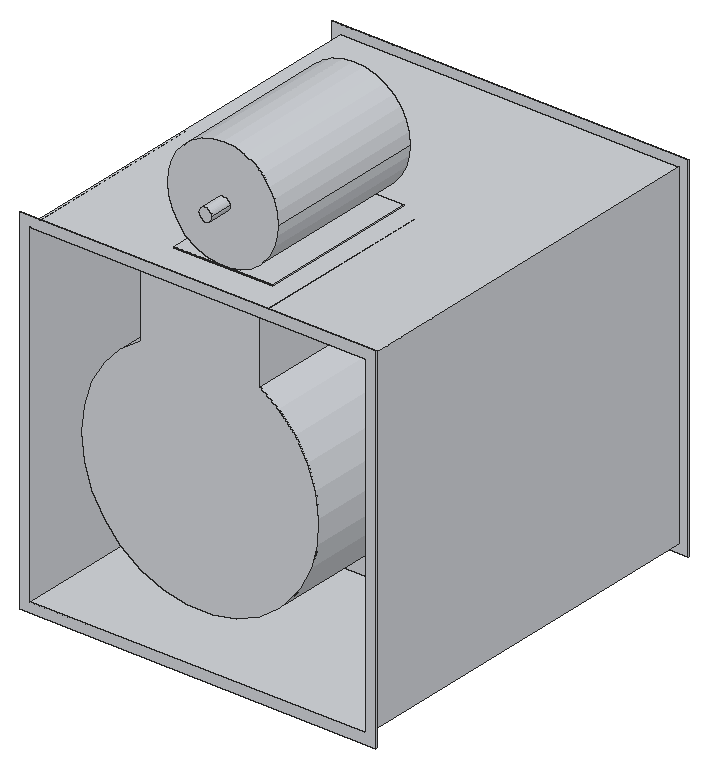
Revit family "SQI-HP", category Mechanical Equipment, Revit 2019
Family settings
  Round Connector Dimension = Use Diameter
  Part Type = Normal
  Work Plane-Based = No
  Always vertical = Yes
  Cut with Voids When Loaded = No
  Shared = No
  Room Calculation Point = No
Parameters (values of type "365_SQI-HP")
  Unit Weight [instance] = ""
  Sones [instance] = ""
  Motor RPM [instance] = ""
  Motor Enclosure [instance] = ""
  ModelID [instance] = ""
  MOTOR_DEPTH = -30 11/16"
  LwA [instance] = ""
  Fan RPM [instance] = ""
  E/2 = E / 2  # 8 3/4"
  E = 17 1/2"
  D/6 = D / 6  # 9 5/16"
  D/3 = D / 3  # 18 5/8"
  D/2 = D / 2  # 27 15/16"
  D = 55 7/8"
  C/2 = C / 2  # 30 11/16"
  C-.125" = C - 1/8"  # 61 1/4"
  C = 61 3/8"
  B/2 = B / 2  # 29 15/32"
  B = 58 15/16"
  Accessories [instance] = ""
  A/2 = A / 2  # 26 3/8"
  A+.25" = A + 1/4"  # 53"
  A = 52 3/4"
  3" = 3"  # constant formula
  Brake Hp [instance] = ""
  4" = 4"  # constant formula
  2' = 24"
  2" = 2"  # constant formula
  1" = 1"  # constant formula
  0 = 0"  # constant formula
  Voltage [instance] = 0 V
  URL = "www.lorencook.com"
  Type Comments = "Square Centrifugal High Pressure Inline Belt Drive"  # constant formula
  Static Pressure [instance] = 0.00 in-wg
  Power [instance] = Voltage * Motor FLA * sqrt(if(Phase = 3, 3, 1))  # 0 VA
  Phase [instance] = 0
  Number of Poles [instance] = 1
  Motor Hp [instance] = "0"
  Motor FLA [instance] = 0 A
  Model = "SQI-HP"  # constant formula
  Manufacturer = "Loren Cook Company"
  CFM [instance] = 0 CFM
  1.5 = 1 1/2"  # constant formula
  ONE EIGTH = 1/8"  # constant formula
  -C/2 = -C / 2  # -30 11/16"
  (A+.25")/2 = (A + 1/4") / 2  # 26 1/2"
Types (16): name | MOTOR_DEPTH | E/2 | E | D/6 | D/3 | D/2 | D | C/2 | C-.125" | C | B/2 | B | A/2 | A+.25" | A | -C/2 | (A+.25")/2
  (no name) | -30 11/16" | 8 3/4" | 17 1/2" | 9 5/16" | 18 5/8" | 27 15/16" | 55 7/8" | 30 11/16" | 61 1/4" | 61 3/8" | 29 15/32" | 58 15/16" | 26 3/8" | 53" | 52 3/4" | -30 11/16" | 26 1/2"
  90_SQI-HP | -16" | 7 5/32" | 14 5/16" | 2.91667" | 5.83333" | 8 3/4" | 17 1/2" | 8 13/32" | 16 11/16" | 16 13/16" | 7 3/16" | 14 3/8" | 7 7/32" | 14 11/16" | 14 7/16" | -8 13/32" | 7 11/32"
  120_SQI-HP | -18" | 7 5/32" | 14 5/16" | 3.41667" | 6.83333" | 10 1/4" | 20 1/2" | 10 3/32" | 20 1/16" | 20 3/16" | 8 7/8" | 17 3/4" | 8 11/16" | 17 5/8" | 17 3/8" | -10 3/32" | 8 13/16"
  135_SQI-HP | -18" | 7 5/32" | 14 5/16" | 3.77083" | 7.54167" | 11 5/16" | 22 5/8" | 11 11/32" | 22 9/16" | 22 11/16" | 10 1/8" | 20 1/4" | 9 3/4" | 19 3/4" | 19 1/2" | -11 11/32" | 9 7/8"
  150_SQI-HP | -18" | 7 5/32" | 14 5/16" | 4 1/8" | 8 1/4" | 12 3/8" | 24 3/4" | 12 5/8" | 25 1/8" | 25 1/4" | 11 13/32" | 22 13/16" | 10 13/16" | 21 7/8" | 21 5/8" | -12 5/8" | 10 15/16"
  165_SQI-HP | -20" | 7 5/32" | 14 5/16" | 4.48958" | 8.97917" | 13 15/32" | 26 15/16" | 13 7/8" | 27 5/8" | 27 3/4" | 12 21/32" | 25 5/16" | 11 29/32" | 24 1/16" | 23 13/16" | -13 7/8" | 12 1/32"
  180_SQI-HP | -20" | 7 5/32" | 14 5/16" | 4.85417" | 9.70833" | 14 9/16" | 29 1/8" | 15 1/8" | 30 1/8" | 30 1/4" | 13 29/32" | 27 13/16" | 13" | 26 1/4" | 26" | -15 1/8" | 13 1/8"
  195_SQI-HP | -22" | 7 5/32" | 14 5/16" | 5 7/32" | 10 7/16" | 15 21/32" | 31 5/16" | 16 3/8" | 32 5/8" | 32 3/4" | 15 1/16" | 30 1/8" | 14 3/32" | 28 7/16" | 28 3/16" | -16 3/8" | 14 7/32"
  210_SQI-HP | -22" | 7 5/32" | 14 5/16" | 5.58333" | 11.16667" | 16 3/4" | 33 1/2" | 17 5/8" | 35 1/8" | 35 1/4" | 16 5/16" | 32 5/8" | 15 3/16" | 30 5/8" | 30 3/8" | -17 5/8" | 15 5/16"
  225_SQI-HP | -22" | 8 3/4" | 17 1/2" | 5 15/16" | 11 7/8" | 17 13/16" | 35 5/8" | 18 29/32" | 37 11/16" | 37 13/16" | 17 19/32" | 35 3/16" | 16 1/4" | 32 3/4" | 32 1/2" | -18 29/32" | 16 3/8"
  245_SQI-HP | -22" | 8 3/4" | 17 1/2" | 6.41667" | 12.83333" | 19 1/4" | 38 1/2" | 20 19/32" | 41 1/16" | 41 3/16" | 19 9/32" | 38 9/16" | 17 11/16" | 35 5/8" | 35 3/8" | -20 19/32" | 17 13/16"
  270_SQI-HP | -22 11/16" | 8 3/4" | 17 1/2" | 7.02083" | 14.04167" | 21 1/16" | 42 1/8" | 22 11/16" | 45 1/4" | 45 3/8" | 21 3/8" | 42 3/4" | 19 1/2" | 39 1/4" | 39" | -22 11/16" | 19 5/8"
  300_SQI-HP | -25 7/32" | 8 3/4" | 17 1/2" | 7 3/4" | 15 1/2" | 23 1/4" | 46 1/2" | 25 7/32" | 50 5/16" | 50 7/16" | 23 29/32" | 47 13/16" | 21 23/32" | 43 11/16" | 43 7/16" | -25 7/32" | 21 27/32"
  330_SQI-HP | -27 23/32" | 8 3/4" | 17 1/2" | 8.45833" | 16.91667" | 25 3/8" | 50 3/4" | 27 23/32" | 55 5/16" | 55 7/16" | 26 13/32" | 52 13/16" | 23 13/16" | 47 7/8" | 47 5/8" | -27 23/32" | 23 15/16"
  365_SQI-HP | -30 11/16" | 8 3/4" | 17 1/2" | 9 5/16" | 18 5/8" | 27 15/16" | 55 7/8" | 30 11/16" | 61 1/4" | 61 3/8" | 29 15/32" | 58 15/16" | 26 3/8" | 53" | 52 3/4" | -30 11/16" | 26 1/2"
  402_SQI-HP | -32 1/8" | 8 3/4" | 17 1/2" | 10 1/4" | 20 1/2" | 30 3/4" | 61 1/2" | 32 1/8" | 64 1/8" | 64 1/4" | 30 7/8" | 61 3/4" | 29 1/8" | 58 1/2" | 58 1/4" | -32 1/8" | 29 1/4"
Reference planes (in)
  plane 1 "Center (Front/Back)": y = 0
  plane 2: z = 0
  plane 3 "Center (Left/Right)": x = 0.40541
Forms (in)
  Extrusion 1, solid
    sketch origin (0, 0, 0) x (1, 0, 0) y (0, 0, 1)
      loop
        line (-27.53209, 27.9375) -> (-27.53209, -27.9375) -> (28.34291, -27.9375) -> (28.34291, 27.9375) -> (-27.53209, 27.9375)
    from 0 to 61.375 <- "C"
  Extrusion 2, void
    sketch origin (0, 0, 0) x (1, 0, 0) y (0, 0, 1)
      loop
        line (-27.53209, 27.9375) -> (-27.53209, -27.9375) -> (28.34291, -27.9375) -> (28.34291, 27.9375) -> (-27.53209, 27.9375)
      loop
        line (26.90541, -26.5) -> (26.90541, 26.5) -> (-26.09459, 26.5) -> (-26.09459, -26.5) -> (26.90541, -26.5)
    from 0.125 to 61.25 <- "C-.125""
  Extrusion 3, void
    sketch origin (0, -61.375, 0) x (-1, 0, 0) y (0, 0, 1)
      loop
        line (25.96959, 26.375) -> (-26.78041, 26.375) -> (-26.78041, -26.375) -> (25.96959, -26.375) -> (25.96959, 26.375)
    from 0 to 30.6875 <- "C/2"
  Revolve 4, void
    sketch origin (0.40541, 0, 0) x (0, 1, 0) y (0, 0, 1)
      loop
        arc (-9.3125, -9.3125) -> (-2.72757, -12.04007) -> (0, -18.625) r 9.3125
        line (0, -18.625) -> (0, 0) -> (-9.3125, 0) -> (-9.3125, -9.3125)
      axis (-9.3125, 0) -> (0, 0)
    angle from 0 to 360
  Extrusion 5, solid
    sketch origin (0, -61.375, 0) x (1, 0, 0) y (0, 0, 1)
      loop
        circle (0.40541, 36.6875) r 8.75
    from -5 to -30.6875 <- "MOTOR_DEPTH"
  Extrusion 6, solid
    sketch origin (0, -56.375, 0) x (1, 0, 0) y (0, 0, 1)
      loop
        circle (0.40541, 36.6875) r 1
    from 3.5 to 0
  Extrusion 7, solid
    sketch origin (0, -61.375, 0) x (1, 0, 0) y (0, 0, 1)
      loop
        line (-7.34459, 27.8125) -> (8.15541, 27.8125) -> (8.15541, 27.9375) -> (-7.34459, 27.9375) -> (-7.34459, 27.8125)
    from -5 to -30.6875 <- "MOTOR_DEPTH"
  Extrusion 8, solid
    sketch origin (0, -61.375, 0) x (1, 0, 0) y (0, 0, 1)
      loop
        arc (-8.90709, 16.12972) -> (0.40541, -18.625) -> (9.71791, 16.12972) r 18.625
        line (9.71791, 16.12972) -> (9.71791, 26.375) -> (-8.90709, 26.375) -> (-8.90709, 16.12972)
    from -0.5 to -30.6875 <- "-C/2"
Cuts and joins
  Extrusion 2, Extrusion 3, Revolve 4 cuts Extrusion 1
Dimensions and locks (in)
  "D/2": Extrusion 1 sketch curve to plane 3 "Center (Left/Right)"
  "D/2": plane 3 "Center (Left/Right)" to Extrusion 1 sketch curve
  "D/2": Extrusion 1 sketch curve to level
  "D/2": level to Extrusion 1 sketch curve
  "D/2": plane 3 "Center (Left/Right)" to Extrusion 2 sketch curve
  "D/2": Extrusion 2 sketch curve to plane 3 "Center (Left/Right)"
  "(A+.25")/2": plane 3 "Center (Left/Right)" to Extrusion 2 sketch curve  (x2)
  "D/2": Extrusion 2 sketch curve to level
  "D/2": level to Extrusion 2 sketch curve
  "(A+.25")/2": level to Extrusion 2 sketch curve
  "(A+.25")/2": Extrusion 2 sketch curve to level
  "A/2": plane 3 "Center (Left/Right)" to Extrusion 3 sketch curve
  "A/2": Extrusion 3 sketch curve to plane 3 "Center (Left/Right)"
  "A/2": Extrusion 3 sketch curve to level
  "A/2": level to Extrusion 3 sketch curve
  "0": Revolve 4 sketch curve to level  (x2)
  "0": Revolve 4 sketch curve to cut or joined group of Extrusion 1, Extrusion 2, Extrusion 3, Revolve 4
  "D/6": Revolve 4 sketch curve to cut or joined group of Extrusion 1, Extrusion 2, Extrusion 3, Revolve 4
  "D/6": level to Revolve 4 sketch curve
  "E": Extrusion 5 sketch curve to cut or joined group of Extrusion 1, Extrusion 2, Extrusion 3, Revolve 4
  "0": Extrusion 5 sketch curve to plane 3 "Center (Left/Right)"
  "0": Extrusion 5 sketch curve to cut or joined group of Extrusion 1, Extrusion 2, Extrusion 3, Revolve 4
  "0": plane 3 "Center (Left/Right)" to Extrusion 6 sketch curve
  "E/2": Extrusion 6 sketch curve to cut or joined group of Extrusion 1, Extrusion 2, Extrusion 3, Revolve 4
  "0": cut or joined group of Extrusion 1, Extrusion 2, Extrusion 3, Revolve 4 to Extrusion 7 sketch curve
  "ONE EIGTH": Extrusion 7 sketch curve to Extrusion 7 sketch curve
  "1"": Extrusion 5 to Extrusion 7 sketch curve  (x2)
  "D/6": Extrusion 8 sketch curve to plane 3 "Center (Left/Right)"
  "D/6": plane 3 "Center (Left/Right)" to Extrusion 8 sketch curve
  "0": Extrusion 8 sketch curve to cut or joined group of Extrusion 1, Extrusion 2, Extrusion 3, Revolve 4
  "0": Extrusion 8 sketch curve to level
  "0": Extrusion 8 sketch curve to plane 3 "Center (Left/Right)"
  "D/6": radius of Revolve 4 sketch curve
  "1"": radius of Extrusion 6 sketch curve
  "D/3": radius of Extrusion 8 sketch curve
Automatic sketch dimensions
  Revolve 4 sketch curve to plane 1 "Center (Front/Back)" = 18.77956"
  Revolve 4 sketch curve to Revolve 4 sketch curve = 12"
  Revolve 4 sketch curve to Revolve 4 sketch curve = 0"
  Extrusion 8 sketch curve to Extrusion 8 sketch curve = 0"
Connectors (in)
  electrical at (0.40541, -30.6875, 36.6875)
    settings: on Extrusion 5, index 1, voltage 0 V, apparent load 0 VA, apparent load phase1 0 VA, apparent load phase2 0 VA, apparent load phase3 0 VA, power factor 1, load classification "Other", number of poles 1, system type 30, power factor state 1, is connector primary yes, connector utility no, sub classification motor no, connector description ""
  hvac at (0.40541, -61.25, 0), driven by "CFM", driven by "A", driven by "A"
    settings: on cut or joined group of Extrusion 1, Extrusion 2, Extrusion 3, Revolve 4, index 2, duct flow 0 CFM, flow factor 0, pres drop 0.00 in-wg, loss coef 0, conn angle 0.00°, conn width 52 3/4", conn height 52 3/4", conn diameter 24", duct sys type 29, conn prof type 1, flow config 0, flow direction 2, loss method 0, conn ref index -1, conn util no, is conn primary yes, conn desc ""
  hvac at (0.40541, 0, 0), driven by "CFM", driven by "A", driven by "A"
    settings: on cut or joined group of Extrusion 1, Extrusion 2, Extrusion 3, Revolve 4, index 3, duct flow 0 CFM, flow factor 0, pres drop 0.00 in-wg, loss coef 0, conn angle 0.00°, conn width 52 3/4", conn height 52 3/4", conn diameter 24", duct sys type 29, conn prof type 1, flow config 0, flow direction 1, loss method 0, conn ref index -1, conn util no, is conn primary no, conn desc ""
